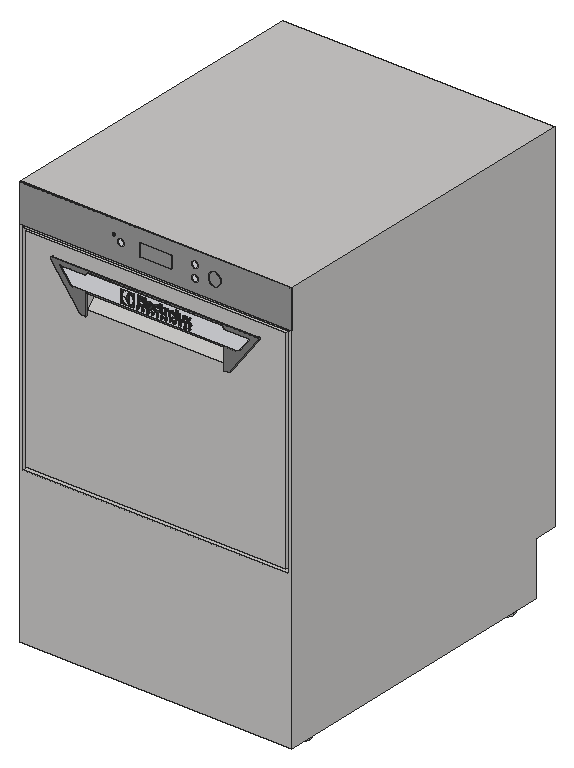
Revit family "QF_ELECTROLUXPROFESSIONAL_402188_ETGWSG1S", category Attrezzature speciali, Revit 2021
Family settings
  Quota connettore circolare = Usa diametro
  Tipo di parte = Normale
  Basato su piano di lavoro = No
  Sempre verticale = Sì
  Taglio con vuoti quando caricato = No
  Condiviso = No
  Punto di calcolo locali = No
Parameters (values of type "Standard")
  Weight = 38.00 kg
  Watts = 2700 W
  Volts = 220 V
  URL Manufacturer = "https://www.electroluxprofessional.com/"
  URL = "https://www.electroluxprofessional.com/"
  Steam Supply Size = 0 mm
  Steam Supply Minimum Pressure = 0.0 Pa
  Steam Supply Maximum Pressure = 0.0 Pa
  Steam Consumption per Hour = 0
  Show Logo [instance] = yes
  Show Clearance [instance] = yes
  Refrigeration Suction Line Size = 0 mm
  Refrigeration Liquid Line Size = 0 mm
  Refrigerant Compressor Remote = yes
  Produttore = "Electrolux Professional"
  Phase = 1
  Modello = "ETGWSG1S"
  Length Actual = 455 mm  # constant formula
  Item Number = "402188"
  Hot Water Size = 0 mm
  Height Actual = 700 mm  # constant formula
  HP = "3.6 HP"
  Gas Size = 0 mm
  Gas KW = 0
  Gas Input Pressure = 0 W
  Direct Waste Size = 29 mm
  Descrizione = "UC GLASSWASHER (S), ELECTRONIC, SINGLE SKIN, PRESSURE, RINSE AID+DET.PUMP, DRAIN P, TANK FILT, 40R/H, 230V/1/50,SCHUKO"
  Prospetto di default = 0 mm
  Depth Actual = 550 mm  # constant formula
  Cycle = 50 Hz
  Condensate Return Size = 0 mm
  Compressed Air Volume = 0.0 L/s
  Compressed Air Size = 0 mm
  Compressed Air Pressure = 0.0 Pa
  Cold Water Size = 19.05 mm
  Accessory = yes
Reference planes
  plane 1 "Center (Front/Back)": y = 0
  plane 2: z = 0
  plane 3 "Center (Left/Right)": x = 0
  plane 4 "LEFT": x = -227.5
  plane 5 "RIGHT": x = 227.5
  plane 6 "FRONT": y = -275
  plane 7 "BACK": y = 275
  plane 8: z = 700
  plane 9: z = 10
  plane 10: y = 236
  plane 11 "2": y = -274
Forms (mm)
  Extrusion 1, solid, material "QF_Finishes_Stainless Steel", detail levels medium+fine
    sketch origin (0, 0, 0) x (1, 0, 0) y (0, 1, 0)
      loop
        line (-227.5, -275) -> (227.5, -275) -> (227.5, 236) -> (-227.5, 236) -> (-227.5, -275)
    from 10 to 700
  Extrusion 2, solid, material "QF_Finishes_Stainless Steel", detail levels medium+fine
    sketch origin (0, 0, 0) x (1, 0, 0) y (0, 1, 0)
      loop
        line (-227.5, 236) -> (227.5, 236) -> (227.5, 275) -> (-227.5, 275) -> (-227.5, 236)
    from 100 to 700
  Extrusion 3, solid, material "QF_Finishes_Stainless Steel", detail levels fine
    sketch origin (0, 0, 0) x (1, 0, 0) y (0, 1, 0)
      loop
        circle (-208, 198) r 12.5
      loop
        circle (208, 198) r 12.5
      loop
        circle (-208, -228) r 12.5
      loop
        circle (208, -228) r 12.5
    from 0 to 10
  Extrusion 4, void
    sketch origin (-227.5, -275, 0) x (-1, 0, 0) y (0, 0, 1)
      loop
        line (-5, 634.145) -> (-450, 634.145) -> (-450, 270) -> (-5, 270) -> (-5, 634.145)
    from 0 to 30
  Extrusion 5, solid, material "QF_Finishes_Stainless Steel"
    sketch origin (-212, -392, 752) x (0, 0, -1) y (1, 0, 0)
      loop
        circle (693, 215.5) r 10
    from -628 to -667
  Extrusion 6, solid, material "QF_Finishes_Stainless Steel"
    sketch origin (-432.481, -392, 722) x (0, 0, -1) y (1, 0, 0)
      loop
        circle (663, 324.981) r 8
    from -628 to -667
  Extrusion 7, solid, material "QF_Finishes_Stainless Steel"
    sketch origin (-268, -392, 682.5) x (0, 0, -1) y (1, 0, 0)
      loop
        circle (663, 230.5) r 8
    from -628 to -667
  Extrusion 8, solid, material "QF_Finishes_Stainless Steel"
    sketch origin (-50.5, 508.026, -145.045) x (0, -1, 0) y (0, 0, 1)
      loop
        line (755.578, 774.145) -> (755.578, 420.045) -> (783.026, 420.045) -> (783.026, 774.145) -> (755.578, 774.145)
    from -268.245 to 167
  Extrusion 9, solid, material "QF_Finishes_Grey"
    sketch origin (1109.779, -277.6, -140) x (-1, 0, 0) y (0, 0, 1)
      loop
        line (1224.779, 677.936) -> (1231.15, 677.936)
        arc (1231.15, 677.936) -> (1234.782, 678.808) -> (1237.622, 681.234) r 8
        line (1237.622, 681.234) -> (1283.237, 744.017)
        arc (1283.237, 744.017) -> (1283.404, 746.136) -> (1281.591, 747.247) r 2.035
        line (1281.591, 747.247) -> (937.967, 747.247)
        arc (937.967, 747.247) -> (936.154, 746.136) -> (936.321, 744.017) r 2.035
        line (936.321, 744.017) -> (981.935, 681.234)
        arc (981.935, 681.234) -> (984.775, 678.808) -> (988.407, 677.936) r 8
        line (988.407, 677.936) -> (994.779, 677.936) -> (994.779, 712.928) -> (1224.779, 712.928) -> (1224.779, 677.936)
      loop
        line (1252.743, 719.058) -> (1268.137, 740.247) -> (1224.779, 740.247) -> (1221.329, 745.174) -> (998.229, 745.174) -> (994.779, 740.247) -> (951.42, 740.247) -> (966.815, 719.058)
        arc (966.815, 719.058) -> (970.365, 716.026) -> (974.905, 714.936) r 10
        line (974.905, 714.936) -> (1244.653, 714.936)
        arc (1244.653, 714.936) -> (1249.192, 716.026) -> (1252.743, 719.058) r 10
    from 2.6 to 0.6
  Extrusion 10, solid, material "QF_Finishes_White"
    sketch origin (1109.779, -277.552, -140) x (-1, 0, 0) y (0, 0, 1)
      loop
        arc (1244.653, 714.936) -> (1249.192, 716.026) -> (1252.743, 719.058) r 10
        line (1252.743, 719.058) -> (1268.137, 740.247) -> (1224.779, 740.247) -> (1221.329, 745.174) -> (998.229, 745.174) -> (994.779, 740.247) -> (951.42, 740.247) -> (966.815, 719.058)
        arc (966.815, 719.058) -> (970.365, 716.026) -> (974.905, 714.936) r 10
        line (974.905, 714.936) -> (1244.653, 714.936)
      loop
        line (1134.538, 728.308) -> (1129.975, 728.308) -> (1129.975, 725.979) -> (1134.559, 725.979) -> (1135.532, 726.049)
        spline (1135.532, 726.049) -> (1136.121, 726.164) -> (1136.653, 726.332) -> (1137.128, 726.553) -> (1137.548, 726.825) -> (1137.914, 727.144) -> (1138.226, 727.51) -> (1138.487, 727.921) -> (1138.698, 728.373) -> (1138.86, 728.866) -> (1138.974, 729.398) -> (1139.041, 729.966) -> (1139.063, 730.569)
        line (1139.063, 730.569) -> (1139.063, 740.368) -> (1130.147, 740.368) -> (1130.147, 738.037) -> (1136.586, 738.037) -> (1136.586, 734.634) -> (1130.533, 734.634) -> (1130.533, 732.296) -> (1136.585, 732.296) -> (1136.585, 730.463)
        spline (1136.585, 730.463) -> (1136.56, 730.049) -> (1136.488, 729.69) -> (1136.376, 729.381) -> (1136.229, 729.119) -> (1136.054, 728.901) -> (1135.857, 728.723) -> (1135.643, 728.582) -> (1135.419, 728.474) -> (1135.19, 728.396) -> (1134.963, 728.345) -> (1134.744, 728.317) -> (1134.538, 728.308)
      loop
        line (1128.214, 733.569) -> (1128.214, 740.372) -> (1125.736, 740.372) -> (1125.736, 725.976) -> (1128.214, 725.976) -> (1128.214, 733.569)
      loop
        line (1113.463, 731.445) -> (1113.505, 730.574) -> (1121.638, 730.574)
        spline (1121.638, 730.574) -> (1121.593, 730.171) -> (1121.504, 729.795) -> (1121.37, 729.446) -> (1121.194, 729.126) -> (1120.977, 728.838) -> (1120.722, 728.582) -> (1120.431, 728.361) -> (1120.104, 728.176) -> (1119.744, 728.03) -> (1119.353, 727.923) -> (1118.933, 727.857) -> (1118.484, 727.835)
        spline (1118.484, 727.835) -> (1118.178, 727.844) -> (1117.89, 727.87) -> (1117.62, 727.912) -> (1117.365, 727.972) -> (1117.124, 728.048) -> (1116.894, 728.141) -> (1116.675, 728.251) -> (1116.463, 728.376) -> (1116.258, 728.518) -> (1116.057, 728.676) -> (1115.86, 728.849) -> (1115.663, 729.039)
        line (1115.663, 729.039) -> (1114.169, 727.586)
        spline (1114.169, 727.586) -> (1114.509, 727.249) -> (1114.853, 726.951) -> (1115.203, 726.69) -> (1115.558, 726.466) -> (1115.918, 726.275) -> (1116.282, 726.116) -> (1116.652, 725.986) -> (1117.026, 725.885) -> (1117.404, 725.809) -> (1117.788, 725.758) -> (1118.175, 725.728) -> (1118.567, 725.719)
        spline (1118.567, 725.719) -> (1119.371, 725.763) -> (1120.127, 725.892) -> (1120.833, 726.104) -> (1121.482, 726.394) -> (1122.071, 726.76) -> (1122.596, 727.198) -> (1123.053, 727.705) -> (1123.436, 728.277) -> (1123.741, 728.911) -> (1123.965, 729.605) -> (1124.102, 730.353) -> (1124.149, 731.154)
        spline (1124.149, 731.154) -> (1124.1, 731.975) -> (1123.959, 732.742) -> (1123.73, 733.452) -> (1123.419, 734.101) -> (1123.032, 734.686) -> (1122.573, 735.205) -> (1122.048, 735.652) -> (1121.463, 736.026) -> (1120.824, 736.322) -> (1120.134, 736.538) -> (1119.401, 736.67) -> (1118.63, 736.715)
        spline (1118.63, 736.715) -> (1117.874, 736.667) -> (1117.166, 736.528) -> (1116.509, 736.303) -> (1115.907, 735.999) -> (1115.363, 735.622) -> (1114.879, 735.177) -> (1114.461, 734.672) -> (1114.111, 734.112) -> (1113.833, 733.503) -> (1113.63, 732.851) -> (1113.506, 732.163) -> (1113.463, 731.445)
      loop
        line (1115.995, 732.317) -> (1121.575, 732.317)
        spline (1121.575, 732.317) -> (1121.525, 732.627) -> (1121.429, 732.925) -> (1121.29, 733.207) -> (1121.111, 733.471) -> (1120.896, 733.713) -> (1120.647, 733.932) -> (1120.368, 734.125) -> (1120.062, 734.288) -> (1119.732, 734.42) -> (1119.381, 734.518) -> (1119.012, 734.578) -> (1118.63, 734.599)
        spline (1118.63, 734.599) -> (1118.273, 734.578) -> (1117.93, 734.516) -> (1117.605, 734.417) -> (1117.301, 734.284) -> (1117.021, 734.118) -> (1116.767, 733.924) -> (1116.544, 733.705) -> (1116.355, 733.461) -> (1116.202, 733.198) -> (1116.089, 732.918) -> (1116.019, 732.623) -> (1115.995, 732.317)
      loop
        spline (1109.715, 731.217) -> (1109.687, 730.756) -> (1109.604, 730.319) -> (1109.469, 729.908) -> (1109.287, 729.528) -> (1109.06, 729.181) -> (1108.792, 728.87) -> (1108.485, 728.598) -> (1108.144, 728.369) -> (1107.772, 728.186) -> (1107.371, 728.051) -> (1106.946, 727.967) -> (1106.499, 727.939)
        spline (1106.499, 727.939) -> (1106.225, 727.948) -> (1105.962, 727.973) -> (1105.711, 728.015) -> (1105.469, 728.073) -> (1105.238, 728.148) -> (1105.016, 728.237) -> (1104.802, 728.342) -> (1104.597, 728.462) -> (1104.399, 728.595) -> (1104.207, 728.743) -> (1104.023, 728.905) -> (1103.844, 729.08)
        line (1103.844, 729.08) -> (1102.308, 727.483)
        spline (1102.308, 727.483) -> (1102.614, 727.177) -> (1102.928, 726.902) -> (1103.252, 726.658) -> (1103.584, 726.443) -> (1103.924, 726.256) -> (1104.271, 726.098) -> (1104.626, 725.966) -> (1104.988, 725.859) -> (1105.357, 725.778) -> (1105.732, 725.722) -> (1106.113, 725.688) -> (1106.499, 725.677)
        spline (1106.499, 725.677) -> (1107.273, 725.725) -> (1108.015, 725.866) -> (1108.718, 726.094) -> (1109.375, 726.403) -> (1109.979, 726.79) -> (1110.524, 727.249) -> (1111.004, 727.774) -> (1111.411, 728.361) -> (1111.739, 729.003) -> (1111.982, 729.697) -> (1112.132, 730.437) -> (1112.184, 731.217)
        spline (1112.184, 731.217) -> (1112.132, 731.997) -> (1111.982, 732.737) -> (1111.739, 733.431) -> (1111.411, 734.073) -> (1111.004, 734.66) -> (1110.524, 735.185) -> (1109.979, 735.644) -> (1109.375, 736.03) -> (1108.718, 736.34) -> (1108.015, 736.568) -> (1107.273, 736.709) -> (1106.499, 736.757)
        spline (1106.499, 736.757) -> (1106.113, 736.746) -> (1105.732, 736.712) -> (1105.357, 736.655) -> (1104.988, 736.574) -> (1104.626, 736.468) -> (1104.271, 736.336) -> (1103.924, 736.178) -> (1103.584, 735.991) -> (1103.252, 735.776) -> (1102.928, 735.532) -> (1102.614, 735.257) -> (1102.308, 734.952)
        line (1102.308, 734.952) -> (1103.844, 733.354)
        spline (1103.844, 733.354) -> (1104.023, 733.529) -> (1104.207, 733.691) -> (1104.399, 733.839) -> (1104.597, 733.972) -> (1104.802, 734.092) -> (1105.016, 734.197) -> (1105.238, 734.286) -> (1105.469, 734.361) -> (1105.711, 734.419) -> (1105.962, 734.461) -> (1106.225, 734.486) -> (1106.499, 734.495)
        spline (1106.499, 734.495) -> (1106.946, 734.467) -> (1107.371, 734.383) -> (1107.772, 734.248) -> (1108.144, 734.065) -> (1108.485, 733.836) -> (1108.792, 733.564) -> (1109.06, 733.253) -> (1109.287, 732.906) -> (1109.469, 732.526) -> (1109.604, 732.115) -> (1109.687, 731.678) -> (1109.715, 731.217)
      loop
        line (1095.989, 728.305) -> (1095.998, 725.976) -> (1097.045, 726.023)
        spline (1097.045, 726.023) -> (1097.633, 726.122) -> (1098.166, 726.275) -> (1098.647, 726.479) -> (1099.075, 726.732) -> (1099.453, 727.033) -> (1099.78, 727.38) -> (1100.059, 727.772) -> (1100.291, 728.205) -> (1100.476, 728.678) -> (1100.616, 729.19) -> (1100.712, 729.738) -> (1100.765, 730.321)
        line (1100.765, 730.321) -> (1100.765, 740.372) -> (1098.287, 740.372) -> (1098.287, 736.386) -> (1096.036, 736.386) -> (1096.036, 734.135) -> (1098.29, 734.135) -> (1098.29, 730.462)
        spline (1098.29, 730.462) -> (1098.238, 730.026) -> (1098.14, 729.649) -> (1098.002, 729.329) -> (1097.831, 729.061) -> (1097.632, 728.84) -> (1097.412, 728.664) -> (1097.177, 728.527) -> (1096.933, 728.427) -> (1096.686, 728.358) -> (1096.442, 728.318) -> (1096.208, 728.301) -> (1095.989, 728.305)
      loop
        line (1087.65, 736.531) -> (1087.65, 734.134) -> (1088.683, 734.238)
        spline (1088.683, 734.238) -> (1089.099, 734.216) -> (1089.487, 734.15) -> (1089.845, 734.043) -> (1090.173, 733.896) -> (1090.469, 733.71) -> (1090.73, 733.487) -> (1090.956, 733.228) -> (1091.145, 732.934) -> (1091.294, 732.608) -> (1091.403, 732.251) -> (1091.469, 731.864) -> (1091.492, 731.449)
        line (1091.492, 731.449) -> (1091.492, 725.976) -> (1093.95, 725.976) -> (1093.95, 736.386) -> (1091.492, 736.386) -> (1091.492, 734.838)
        spline (1091.492, 734.838) -> (1091.301, 735.126) -> (1091.083, 735.392) -> (1090.839, 735.633) -> (1090.57, 735.849) -> (1090.276, 736.038) -> (1089.961, 736.2) -> (1089.623, 736.333) -> (1089.265, 736.436) -> (1088.888, 736.509) -> (1088.492, 736.549) -> (1088.079, 736.557) -> (1087.65, 736.531)
      loop
        spline (1075.91, 731.181) -> (1075.962, 730.417) -> (1076.113, 729.689) -> (1076.356, 729.004) -> (1076.685, 728.365) -> (1077.093, 727.78) -> (1077.573, 727.254) -> (1078.119, 726.793) -> (1078.723, 726.403) -> (1079.379, 726.089) -> (1080.08, 725.858) -> (1080.819, 725.715) -> (1081.59, 725.666)
        spline (1081.59, 725.666) -> (1082.366, 725.715) -> (1083.108, 725.858) -> (1083.811, 726.089) -> (1084.468, 726.403) -> (1085.071, 726.793) -> (1085.616, 727.254) -> (1086.094, 727.78) -> (1086.501, 728.365) -> (1086.828, 729.004) -> (1087.07, 729.689) -> (1087.22, 730.417) -> (1087.271, 731.181)
        spline (1087.271, 731.181) -> (1087.22, 731.944) -> (1087.07, 732.672) -> (1086.828, 733.358) -> (1086.501, 733.997) -> (1086.094, 734.582) -> (1085.616, 735.108) -> (1085.071, 735.569) -> (1084.468, 735.959) -> (1083.811, 736.272) -> (1083.108, 736.503) -> (1082.366, 736.646) -> (1081.59, 736.695)
        spline (1081.59, 736.695) -> (1080.819, 736.646) -> (1080.08, 736.503) -> (1079.379, 736.272) -> (1078.723, 735.959) -> (1078.119, 735.569) -> (1077.573, 735.108) -> (1077.093, 734.582) -> (1076.685, 733.997) -> (1076.356, 733.358) -> (1076.113, 732.672) -> (1075.962, 731.944) -> (1075.91, 731.181)
      loop
        spline (1078.369, 731.181) -> (1078.397, 730.73) -> (1078.481, 730.301) -> (1078.617, 729.895) -> (1078.8, 729.517) -> (1079.028, 729.171) -> (1079.298, 728.859) -> (1079.605, 728.586) -> (1079.947, 728.355) -> (1080.32, 728.168) -> (1080.72, 728.031) -> (1081.145, 727.946) -> (1081.59, 727.917)
        spline (1081.59, 727.917) -> (1082.04, 727.946) -> (1082.467, 728.031) -> (1082.869, 728.168) -> (1083.243, 728.355) -> (1083.584, 728.586) -> (1083.89, 728.859) -> (1084.159, 729.171) -> (1084.385, 729.517) -> (1084.567, 729.895) -> (1084.701, 730.301) -> (1084.784, 730.73) -> (1084.812, 731.181)
        spline (1084.812, 731.181) -> (1084.784, 731.631) -> (1084.701, 732.061) -> (1084.567, 732.466) -> (1084.385, 732.844) -> (1084.159, 733.19) -> (1083.89, 733.502) -> (1083.584, 733.775) -> (1083.243, 734.007) -> (1082.869, 734.193) -> (1082.467, 734.33) -> (1082.04, 734.415) -> (1081.59, 734.444)
        spline (1081.59, 734.444) -> (1081.145, 734.415) -> (1080.72, 734.33) -> (1080.32, 734.193) -> (1079.947, 734.007) -> (1079.605, 733.775) -> (1079.298, 733.502) -> (1079.028, 733.19) -> (1078.8, 732.844) -> (1078.617, 732.466) -> (1078.481, 732.061) -> (1078.397, 731.631) -> (1078.369, 731.181)
      loop
        line (1074.386, 733.817) -> (1074.386, 740.372) -> (1071.907, 740.372) -> (1071.907, 725.976) -> (1074.386, 725.976) -> (1074.386, 733.817)
      loop
        line (1062.968, 736.386) -> (1060.469, 736.386) -> (1060.469, 730.169)
        spline (1060.469, 730.169) -> (1060.514, 729.447) -> (1060.644, 728.791) -> (1060.852, 728.199) -> (1061.133, 727.671) -> (1061.481, 727.207) -> (1061.889, 726.807) -> (1062.351, 726.469) -> (1062.862, 726.193) -> (1063.414, 725.98) -> (1064.002, 725.828) -> (1064.619, 725.737) -> (1065.26, 725.707)
        spline (1065.26, 725.707) -> (1065.896, 725.737) -> (1066.509, 725.826) -> (1067.092, 725.976) -> (1067.64, 726.186) -> (1068.146, 726.458) -> (1068.604, 726.791) -> (1069.009, 727.186) -> (1069.353, 727.644) -> (1069.632, 728.164) -> (1069.839, 728.748) -> (1069.967, 729.395) -> (1070.011, 730.106)
        line (1070.011, 730.106) -> (1070.011, 736.386) -> (1067.512, 736.386) -> (1067.512, 730.313)
        spline (1067.512, 730.313) -> (1067.492, 729.924) -> (1067.434, 729.574) -> (1067.34, 729.26) -> (1067.212, 728.983) -> (1067.053, 728.741) -> (1066.864, 728.534) -> (1066.648, 728.362) -> (1066.407, 728.222) -> (1066.144, 728.114) -> (1065.86, 728.039) -> (1065.558, 727.994) -> (1065.24, 727.979)
        spline (1065.24, 727.979) -> (1064.922, 727.994) -> (1064.62, 728.039) -> (1064.336, 728.115) -> (1064.072, 728.223) -> (1063.832, 728.363) -> (1063.616, 728.537) -> (1063.427, 728.746) -> (1063.268, 728.989) -> (1063.14, 729.269) -> (1063.046, 729.586) -> (1062.988, 729.941) -> (1062.968, 730.334)
        line (1062.968, 730.334) -> (1062.968, 736.386)
      loop
        line (1051.091, 729.305) -> (1048.71, 725.976) -> (1051.374, 725.976) -> (1054.018, 729.652) -> (1056.662, 725.976) -> (1059.326, 725.976) -> (1057.534, 728.472) -> (1055.381, 731.47) -> (1057.435, 734.279) -> (1058.975, 736.385) -> (1056.29, 736.385) -> (1054.018, 733.267) -> (1051.766, 736.385) -> (1049.061, 736.385) -> (1050.719, 734.127) -> (1052.654, 731.49) -> (1051.091, 729.305)
      loop
        arc (1137.67, 723.711) -> (1136.024, 722.066) -> (1137.67, 720.421) r 1.645
        line (1137.67, 720.421) -> (1138.564, 720.421) -> (1138.564, 718.734) -> (1139.587, 718.734) -> (1139.587, 723.711) -> (1137.67, 723.711)
      loop
        arc (1137.711, 722.77) -> (1137.007, 722.066) -> (1137.711, 721.361) r 0.704
        line (1137.711, 721.361) -> (1138.564, 721.361) -> (1138.564, 722.77) -> (1137.711, 722.77)
      loop
        arc (1129.861, 723.711) -> (1128.713, 723.243) -> (1128.219, 722.107) r 1.643
        arc (1128.219, 722.107) -> (1128.437, 721.282) -> (1129.061, 720.7) r 1.536
        line (1129.061, 720.7) -> (1127.867, 718.734) -> (1129.028, 718.734) -> (1130.009, 720.366) -> (1130.79, 720.448) -> (1130.79, 718.734) -> (1131.813, 718.734) -> (1131.813, 723.711) -> (1129.861, 723.711)
      loop
        line (1129.951, 721.382) -> (1130.79, 721.382) -> (1130.79, 722.77) -> (1129.882, 722.77)
        arc (1129.882, 722.77) -> (1129.256, 722.043) -> (1129.951, 721.382) r 0.696
      loop
        circle (1121.513, 721.223) r 2.585
      loop
        circle (1121.513, 721.223) r 1.64
      loop
        line (1114.648, 723.711) -> (1111.572, 723.711) -> (1111.572, 722.77) -> (1113.625, 722.77) -> (1113.625, 721.72) -> (1111.752, 721.72) -> (1111.752, 720.78) -> (1113.625, 720.78) -> (1113.625, 718.734) -> (1114.648, 718.734) -> (1114.648, 723.711)
      loop
        line (1107.351, 723.711) -> (1104.199, 723.711) -> (1104.199, 722.77) -> (1106.327, 722.77) -> (1106.327, 721.906) -> (1104.337, 721.906) -> (1104.337, 721.124) -> (1106.327, 721.124) -> (1106.327, 720.296)
        arc (1106.327, 720.296) -> (1106.1, 719.748) -> (1105.552, 719.521) r 0.775
        line (1105.552, 719.521) -> (1104.151, 719.521) -> (1104.151, 718.734) -> (1105.758, 718.734)
        arc (1105.758, 718.734) -> (1106.892, 719.208) -> (1107.351, 720.348) r 1.593
        line (1107.351, 720.348) -> (1107.351, 723.711)
      loop
        arc (1097.457, 722.405) -> (1097.878, 722.739) -> (1098.402, 722.854) r 1.197
        arc (1098.402, 722.854) -> (1098.874, 722.478) -> (1098.547, 721.971) r 0.45
        arc (1098.547, 721.971) -> (1097.983, 721.759) -> (1097.432, 721.513) r 9.883
        arc (1097.432, 721.513) -> (1096.997, 721.229) -> (1096.656, 720.836) r 1.876
        arc (1096.656, 720.836) -> (1096.499, 719.983) -> (1096.804, 719.172) r 1.618
        arc (1096.804, 719.172) -> (1097.495, 718.805) -> (1098.262, 718.652) r 2.696
        arc (1098.262, 718.652) -> (1098.883, 718.714) -> (1099.456, 718.959) r 2.063
        arc (1099.456, 718.959) -> (1099.909, 719.35) -> (1100.219, 719.862) r 1.914
        line (1100.219, 719.862) -> (1099.437, 720.352)
        arc (1099.437, 720.352) -> (1099.173, 719.945) -> (1098.752, 719.703) r 1.033
        arc (1098.752, 719.703) -> (1098.18, 719.588) -> (1097.639, 719.808) r 1.016
        arc (1097.639, 719.808) -> (1097.482, 720.161) -> (1097.68, 720.492) r 0.42
        arc (1097.68, 720.492) -> (1098.186, 720.769) -> (1098.72, 720.985) r 5.041
        arc (1098.72, 720.985) -> (1099.298, 721.289) -> (1099.741, 721.768) r 1.928
        arc (1099.741, 721.768) -> (1099.855, 722.207) -> (1099.866, 722.66) r 1.985
        arc (1099.866, 722.66) -> (1099.75, 723.048) -> (1099.492, 723.359) r 1.013
        arc (1099.492, 723.359) -> (1098.946, 723.67) -> (1098.33, 723.793) r 1.974
        arc (1098.33, 723.793) -> (1097.403, 723.575) -> (1096.722, 722.91) r 1.782
        line (1096.722, 722.91) -> (1097.457, 722.405)
      loop
        arc (1089.939, 722.405) -> (1090.36, 722.739) -> (1090.884, 722.854) r 1.197
        arc (1090.884, 722.854) -> (1091.355, 722.478) -> (1091.029, 721.971) r 0.45
        arc (1091.029, 721.971) -> (1090.464, 721.759) -> (1089.914, 721.513) r 9.883
        arc (1089.914, 721.513) -> (1089.478, 721.229) -> (1089.138, 720.836) r 1.876
        arc (1089.138, 720.836) -> (1088.98, 719.983) -> (1089.286, 719.172) r 1.618
        arc (1089.286, 719.172) -> (1089.977, 718.805) -> (1090.744, 718.652) r 2.696
        arc (1090.744, 718.652) -> (1091.365, 718.714) -> (1091.938, 718.959) r 2.063
        arc (1091.938, 718.959) -> (1092.391, 719.35) -> (1092.701, 719.862) r 1.914
        line (1092.701, 719.862) -> (1091.919, 720.352)
        arc (1091.919, 720.352) -> (1091.655, 719.945) -> (1091.234, 719.703) r 1.033
        arc (1091.234, 719.703) -> (1090.661, 719.588) -> (1090.12, 719.808) r 1.016
        arc (1090.12, 719.808) -> (1089.964, 720.161) -> (1090.162, 720.492) r 0.42
        arc (1090.162, 720.492) -> (1090.667, 720.769) -> (1091.201, 720.985) r 5.041
        arc (1091.201, 720.985) -> (1091.779, 721.289) -> (1092.223, 721.768) r 1.928
        arc (1092.223, 721.768) -> (1092.336, 722.207) -> (1092.348, 722.66) r 1.985
        arc (1092.348, 722.66) -> (1092.232, 723.048) -> (1091.974, 723.359) r 1.013
        arc (1091.974, 723.359) -> (1091.428, 723.67) -> (1090.811, 723.793) r 1.974
        arc (1090.811, 723.793) -> (1089.885, 723.575) -> (1089.203, 722.91) r 1.782
        line (1089.203, 722.91) -> (1089.939, 722.405)
      loop
        line (1084.747, 723.711) -> (1083.724, 723.711) -> (1083.724, 718.734) -> (1084.747, 718.734) -> (1084.747, 723.711)
      loop
        circle (1076.824, 721.223) r 1.548
      loop
        circle (1076.824, 721.223) r 2.585
      loop
        line (1069.959, 718.734) -> (1069.959, 723.711) -> (1068.964, 723.711) -> (1066.687, 720.487) -> (1066.687, 723.711) -> (1065.654, 723.711) -> (1065.654, 718.734) -> (1066.648, 718.734) -> (1068.925, 721.863) -> (1068.925, 718.734) -> (1069.959, 718.734)
      loop
        line (1060.494, 718.734) -> (1061.593, 718.734) -> (1059.088, 723.711) -> (1056.584, 718.734) -> (1057.684, 718.734) -> (1058.168, 719.808) -> (1060.009, 719.808) -> (1060.494, 718.734)
      loop
        line (1059.088, 721.85) -> (1058.628, 720.829) -> (1059.55, 720.829) -> (1059.088, 721.85)
      loop
        line (1051.501, 719.675) -> (1049.587, 719.675) -> (1049.587, 718.734) -> (1052.525, 718.734) -> (1052.525, 723.711) -> (1051.501, 723.711) -> (1051.501, 719.675)
      loop
        line (1166.534, 718.734) -> (1166.534, 740.368) -> (1144.871, 740.368) -> (1144.871, 718.734) -> (1166.534, 718.734)
      loop
        arc (1152.81, 739.306) -> (1145.614, 729.573) -> (1152.81, 719.841) r 10.18
        line (1152.81, 719.841) -> (1152.81, 739.306)
      loop
        arc (1153.8, 737.897) -> (1156.822, 732.473) -> (1162.575, 730.138) r 9.351
        line (1162.575, 730.138) -> (1165.795, 730.138)
        arc (1165.795, 730.138) -> (1161.895, 737.466) -> (1153.8, 739.306) r 9.976
        line (1153.8, 739.306) -> (1153.8, 737.897)
      loop
        line (1165.795, 729.009) -> (1162.575, 729.009)
        arc (1162.575, 729.009) -> (1156.822, 726.674) -> (1153.8, 721.25) r 9.351
        line (1153.8, 721.25) -> (1153.8, 719.591)
        arc (1153.8, 719.591) -> (1161.902, 721.62) -> (1165.795, 729.009) r 10.237
    from 0.552 to 2.552
  Extrusion 11, solid, material "QF_Door-Drawer Clearances", detail levels coarse
    sketch origin (-50.5, 469.81, -129.52) x (0, -1, 0) y (0, 0, 1)
      loop
        arc (1151.948, 404.52) -> (1007.811, 649.792) -> (744.81, 758.257) r 446.578
        line (744.81, 758.257) -> (744.81, 404.52) -> (1151.948, 404.52)
    from -268.245 to 167
  Extrusion 12, solid, material "QF_Finishes_Black"
    sketch origin (1109.779, -277.6, -140) x (-1, 0, 0) y (0, 0, 1)
      loop
        line (1134.538, 728.308) -> (1129.975, 728.308) -> (1129.975, 725.979) -> (1134.559, 725.979) -> (1135.532, 726.049)
        spline (1135.532, 726.049) -> (1136.121, 726.164) -> (1136.653, 726.332) -> (1137.128, 726.553) -> (1137.548, 726.825) -> (1137.914, 727.144) -> (1138.226, 727.51) -> (1138.487, 727.921) -> (1138.698, 728.373) -> (1138.86, 728.866) -> (1138.974, 729.398) -> (1139.041, 729.966) -> (1139.063, 730.569)
        line (1139.063, 730.569) -> (1139.063, 740.368) -> (1130.147, 740.368) -> (1130.147, 738.037) -> (1136.586, 738.037) -> (1136.586, 734.634) -> (1130.533, 734.634) -> (1130.533, 732.296) -> (1136.585, 732.296) -> (1136.585, 730.463)
        spline (1136.585, 730.463) -> (1136.56, 730.049) -> (1136.488, 729.69) -> (1136.376, 729.381) -> (1136.229, 729.119) -> (1136.054, 728.901) -> (1135.857, 728.723) -> (1135.643, 728.582) -> (1135.419, 728.474) -> (1135.19, 728.396) -> (1134.963, 728.345) -> (1134.744, 728.317) -> (1134.538, 728.308)
      loop
        line (1128.214, 733.569) -> (1128.214, 740.372) -> (1125.736, 740.372) -> (1125.736, 725.976) -> (1128.214, 725.976) -> (1128.214, 733.569)
      loop
        line (1113.463, 731.445) -> (1113.505, 730.574) -> (1121.638, 730.574)
        spline (1121.638, 730.574) -> (1121.593, 730.171) -> (1121.504, 729.795) -> (1121.37, 729.446) -> (1121.194, 729.126) -> (1120.977, 728.838) -> (1120.722, 728.582) -> (1120.431, 728.361) -> (1120.104, 728.176) -> (1119.744, 728.03) -> (1119.353, 727.923) -> (1118.933, 727.857) -> (1118.484, 727.835)
        spline (1118.484, 727.835) -> (1118.178, 727.844) -> (1117.89, 727.87) -> (1117.62, 727.912) -> (1117.365, 727.972) -> (1117.124, 728.048) -> (1116.894, 728.141) -> (1116.675, 728.251) -> (1116.463, 728.376) -> (1116.258, 728.518) -> (1116.057, 728.676) -> (1115.86, 728.849) -> (1115.663, 729.039)
        line (1115.663, 729.039) -> (1114.169, 727.586)
        spline (1114.169, 727.586) -> (1114.509, 727.249) -> (1114.853, 726.951) -> (1115.203, 726.69) -> (1115.558, 726.466) -> (1115.918, 726.275) -> (1116.282, 726.116) -> (1116.652, 725.986) -> (1117.026, 725.885) -> (1117.404, 725.809) -> (1117.788, 725.758) -> (1118.175, 725.728) -> (1118.567, 725.719)
        spline (1118.567, 725.719) -> (1119.371, 725.763) -> (1120.127, 725.892) -> (1120.833, 726.104) -> (1121.482, 726.394) -> (1122.071, 726.76) -> (1122.596, 727.198) -> (1123.053, 727.705) -> (1123.436, 728.277) -> (1123.741, 728.911) -> (1123.965, 729.605) -> (1124.102, 730.353) -> (1124.149, 731.154)
        spline (1124.149, 731.154) -> (1124.1, 731.975) -> (1123.959, 732.742) -> (1123.73, 733.452) -> (1123.419, 734.101) -> (1123.032, 734.686) -> (1122.573, 735.205) -> (1122.048, 735.652) -> (1121.463, 736.026) -> (1120.824, 736.322) -> (1120.134, 736.538) -> (1119.401, 736.67) -> (1118.63, 736.715)
        spline (1118.63, 736.715) -> (1117.874, 736.667) -> (1117.166, 736.528) -> (1116.509, 736.303) -> (1115.907, 735.999) -> (1115.363, 735.622) -> (1114.879, 735.177) -> (1114.461, 734.672) -> (1114.111, 734.112) -> (1113.833, 733.503) -> (1113.63, 732.851) -> (1113.506, 732.163) -> (1113.463, 731.445)
      loop
        line (1115.995, 732.317) -> (1121.575, 732.317)
        spline (1121.575, 732.317) -> (1121.525, 732.627) -> (1121.429, 732.925) -> (1121.29, 733.207) -> (1121.111, 733.471) -> (1120.896, 733.713) -> (1120.647, 733.932) -> (1120.368, 734.125) -> (1120.062, 734.288) -> (1119.732, 734.42) -> (1119.381, 734.518) -> (1119.012, 734.578) -> (1118.63, 734.599)
        spline (1118.63, 734.599) -> (1118.273, 734.578) -> (1117.93, 734.516) -> (1117.605, 734.417) -> (1117.301, 734.284) -> (1117.021, 734.118) -> (1116.767, 733.924) -> (1116.544, 733.705) -> (1116.355, 733.461) -> (1116.202, 733.198) -> (1116.089, 732.918) -> (1116.019, 732.623) -> (1115.995, 732.317)
      loop
        spline (1109.715, 731.217) -> (1109.687, 730.756) -> (1109.604, 730.319) -> (1109.469, 729.908) -> (1109.287, 729.528) -> (1109.06, 729.181) -> (1108.792, 728.87) -> (1108.485, 728.598) -> (1108.144, 728.369) -> (1107.772, 728.186) -> (1107.371, 728.051) -> (1106.946, 727.967) -> (1106.499, 727.939)
        spline (1106.499, 727.939) -> (1106.225, 727.948) -> (1105.962, 727.973) -> (1105.711, 728.015) -> (1105.469, 728.073) -> (1105.238, 728.148) -> (1105.016, 728.237) -> (1104.802, 728.342) -> (1104.597, 728.462) -> (1104.399, 728.595) -> (1104.207, 728.743) -> (1104.023, 728.905) -> (1103.844, 729.08)
        line (1103.844, 729.08) -> (1102.308, 727.483)
        spline (1102.308, 727.483) -> (1102.614, 727.177) -> (1102.928, 726.902) -> (1103.252, 726.658) -> (1103.584, 726.443) -> (1103.924, 726.256) -> (1104.271, 726.098) -> (1104.626, 725.966) -> (1104.988, 725.859) -> (1105.357, 725.778) -> (1105.732, 725.722) -> (1106.113, 725.688) -> (1106.499, 725.677)
        spline (1106.499, 725.677) -> (1107.273, 725.725) -> (1108.015, 725.866) -> (1108.718, 726.094) -> (1109.375, 726.403) -> (1109.979, 726.79) -> (1110.524, 727.249) -> (1111.004, 727.774) -> (1111.411, 728.361) -> (1111.739, 729.003) -> (1111.982, 729.697) -> (1112.132, 730.437) -> (1112.184, 731.217)
        spline (1112.184, 731.217) -> (1112.132, 731.997) -> (1111.982, 732.737) -> (1111.739, 733.431) -> (1111.411, 734.073) -> (1111.004, 734.66) -> (1110.524, 735.185) -> (1109.979, 735.644) -> (1109.375, 736.03) -> (1108.718, 736.34) -> (1108.015, 736.568) -> (1107.273, 736.709) -> (1106.499, 736.757)
        spline (1106.499, 736.757) -> (1106.113, 736.746) -> (1105.732, 736.712) -> (1105.357, 736.655) -> (1104.988, 736.574) -> (1104.626, 736.468) -> (1104.271, 736.336) -> (1103.924, 736.178) -> (1103.584, 735.991) -> (1103.252, 735.776) -> (1102.928, 735.532) -> (1102.614, 735.257) -> (1102.308, 734.952)
        line (1102.308, 734.952) -> (1103.844, 733.354)
        spline (1103.844, 733.354) -> (1104.023, 733.529) -> (1104.207, 733.691) -> (1104.399, 733.839) -> (1104.597, 733.972) -> (1104.802, 734.092) -> (1105.016, 734.197) -> (1105.238, 734.286) -> (1105.469, 734.361) -> (1105.711, 734.419) -> (1105.962, 734.461) -> (1106.225, 734.486) -> (1106.499, 734.495)
        spline (1106.499, 734.495) -> (1106.946, 734.467) -> (1107.371, 734.383) -> (1107.772, 734.248) -> (1108.144, 734.065) -> (1108.485, 733.836) -> (1108.792, 733.564) -> (1109.06, 733.253) -> (1109.287, 732.906) -> (1109.469, 732.526) -> (1109.604, 732.115) -> (1109.687, 731.678) -> (1109.715, 731.217)
      loop
        line (1095.989, 728.305) -> (1095.998, 725.976) -> (1097.045, 726.023)
        spline (1097.045, 726.023) -> (1097.633, 726.122) -> (1098.166, 726.275) -> (1098.647, 726.479) -> (1099.075, 726.732) -> (1099.453, 727.033) -> (1099.78, 727.38) -> (1100.059, 727.772) -> (1100.291, 728.205) -> (1100.476, 728.678) -> (1100.616, 729.19) -> (1100.712, 729.738) -> (1100.765, 730.321)
        line (1100.765, 730.321) -> (1100.765, 740.372) -> (1098.287, 740.372) -> (1098.287, 736.386) -> (1096.036, 736.386) -> (1096.036, 734.135) -> (1098.29, 734.135) -> (1098.29, 730.462)
        spline (1098.29, 730.462) -> (1098.238, 730.026) -> (1098.14, 729.649) -> (1098.002, 729.329) -> (1097.831, 729.061) -> (1097.632, 728.84) -> (1097.412, 728.664) -> (1097.177, 728.527) -> (1096.933, 728.427) -> (1096.686, 728.358) -> (1096.442, 728.318) -> (1096.208, 728.301) -> (1095.989, 728.305)
      loop
        line (1087.65, 736.531) -> (1087.65, 734.134) -> (1088.683, 734.238)
        spline (1088.683, 734.238) -> (1089.099, 734.216) -> (1089.487, 734.15) -> (1089.845, 734.043) -> (1090.173, 733.896) -> (1090.469, 733.71) -> (1090.73, 733.487) -> (1090.956, 733.228) -> (1091.145, 732.934) -> (1091.294, 732.608) -> (1091.403, 732.251) -> (1091.469, 731.864) -> (1091.492, 731.449)
        line (1091.492, 731.449) -> (1091.492, 725.976) -> (1093.95, 725.976) -> (1093.95, 736.386) -> (1091.492, 736.386) -> (1091.492, 734.838)
        spline (1091.492, 734.838) -> (1091.301, 735.126) -> (1091.083, 735.392) -> (1090.839, 735.633) -> (1090.57, 735.849) -> (1090.276, 736.038) -> (1089.961, 736.2) -> (1089.623, 736.333) -> (1089.265, 736.436) -> (1088.888, 736.509) -> (1088.492, 736.549) -> (1088.079, 736.557) -> (1087.65, 736.531)
      loop
        spline (1075.91, 731.181) -> (1075.962, 730.417) -> (1076.113, 729.689) -> (1076.356, 729.004) -> (1076.685, 728.365) -> (1077.093, 727.78) -> (1077.573, 727.254) -> (1078.119, 726.793) -> (1078.723, 726.403) -> (1079.379, 726.089) -> (1080.08, 725.858) -> (1080.819, 725.715) -> (1081.59, 725.666)
        spline (1081.59, 725.666) -> (1082.366, 725.715) -> (1083.108, 725.858) -> (1083.811, 726.089) -> (1084.468, 726.403) -> (1085.071, 726.793) -> (1085.616, 727.254) -> (1086.094, 727.78) -> (1086.501, 728.365) -> (1086.828, 729.004) -> (1087.07, 729.689) -> (1087.22, 730.417) -> (1087.271, 731.181)
        spline (1087.271, 731.181) -> (1087.22, 731.944) -> (1087.07, 732.672) -> (1086.828, 733.358) -> (1086.501, 733.997) -> (1086.094, 734.582) -> (1085.616, 735.108) -> (1085.071, 735.569) -> (1084.468, 735.959) -> (1083.811, 736.272) -> (1083.108, 736.503) -> (1082.366, 736.646) -> (1081.59, 736.695)
        spline (1081.59, 736.695) -> (1080.819, 736.646) -> (1080.08, 736.503) -> (1079.379, 736.272) -> (1078.723, 735.959) -> (1078.119, 735.569) -> (1077.573, 735.108) -> (1077.093, 734.582) -> (1076.685, 733.997) -> (1076.356, 733.358) -> (1076.113, 732.672) -> (1075.962, 731.944) -> (1075.91, 731.181)
      loop
        spline (1078.369, 731.181) -> (1078.397, 730.73) -> (1078.481, 730.301) -> (1078.617, 729.895) -> (1078.8, 729.517) -> (1079.028, 729.171) -> (1079.298, 728.859) -> (1079.605, 728.586) -> (1079.947, 728.355) -> (1080.32, 728.168) -> (1080.72, 728.031) -> (1081.145, 727.946) -> (1081.59, 727.917)
        spline (1081.59, 727.917) -> (1082.04, 727.946) -> (1082.467, 728.031) -> (1082.869, 728.168) -> (1083.243, 728.355) -> (1083.584, 728.586) -> (1083.89, 728.859) -> (1084.159, 729.171) -> (1084.385, 729.517) -> (1084.567, 729.895) -> (1084.701, 730.301) -> (1084.784, 730.73) -> (1084.812, 731.181)
        spline (1084.812, 731.181) -> (1084.784, 731.631) -> (1084.701, 732.061) -> (1084.567, 732.466) -> (1084.385, 732.844) -> (1084.159, 733.19) -> (1083.89, 733.502) -> (1083.584, 733.775) -> (1083.243, 734.007) -> (1082.869, 734.193) -> (1082.467, 734.33) -> (1082.04, 734.415) -> (1081.59, 734.444)
        spline (1081.59, 734.444) -> (1081.145, 734.415) -> (1080.72, 734.33) -> (1080.32, 734.193) -> (1079.947, 734.007) -> (1079.605, 733.775) -> (1079.298, 733.502) -> (1079.028, 733.19) -> (1078.8, 732.844) -> (1078.617, 732.466) -> (1078.481, 732.061) -> (1078.397, 731.631) -> (1078.369, 731.181)
      loop
        line (1074.386, 733.817) -> (1074.386, 740.372) -> (1071.907, 740.372) -> (1071.907, 725.976) -> (1074.386, 725.976) -> (1074.386, 733.817)
      loop
        line (1062.968, 736.386) -> (1060.469, 736.386) -> (1060.469, 730.169)
        spline (1060.469, 730.169) -> (1060.514, 729.447) -> (1060.644, 728.791) -> (1060.852, 728.199) -> (1061.133, 727.671) -> (1061.481, 727.207) -> (1061.889, 726.807) -> (1062.351, 726.469) -> (1062.862, 726.193) -> (1063.414, 725.98) -> (1064.002, 725.828) -> (1064.619, 725.737) -> (1065.26, 725.707)
        spline (1065.26, 725.707) -> (1065.896, 725.737) -> (1066.509, 725.826) -> (1067.092, 725.976) -> (1067.64, 726.186) -> (1068.146, 726.458) -> (1068.604, 726.791) -> (1069.009, 727.186) -> (1069.353, 727.644) -> (1069.632, 728.164) -> (1069.839, 728.748) -> (1069.967, 729.395) -> (1070.011, 730.106)
        line (1070.011, 730.106) -> (1070.011, 736.386) -> (1067.512, 736.386) -> (1067.512, 730.313)
        spline (1067.512, 730.313) -> (1067.492, 729.924) -> (1067.434, 729.574) -> (1067.34, 729.26) -> (1067.212, 728.983) -> (1067.053, 728.741) -> (1066.864, 728.534) -> (1066.648, 728.362) -> (1066.407, 728.222) -> (1066.144, 728.114) -> (1065.86, 728.039) -> (1065.558, 727.994) -> (1065.24, 727.979)
        spline (1065.24, 727.979) -> (1064.922, 727.994) -> (1064.62, 728.039) -> (1064.336, 728.115) -> (1064.072, 728.223) -> (1063.832, 728.363) -> (1063.616, 728.537) -> (1063.427, 728.746) -> (1063.268, 728.989) -> (1063.14, 729.269) -> (1063.046, 729.586) -> (1062.988, 729.941) -> (1062.968, 730.334)
        line (1062.968, 730.334) -> (1062.968, 736.386)
      loop
        line (1051.091, 729.305) -> (1048.71, 725.976) -> (1051.374, 725.976) -> (1054.018, 729.652) -> (1056.662, 725.976) -> (1059.326, 725.976) -> (1057.534, 728.472) -> (1055.381, 731.47) -> (1057.435, 734.279) -> (1058.975, 736.385) -> (1056.29, 736.385) -> (1054.018, 733.267) -> (1051.766, 736.385) -> (1049.061, 736.385) -> (1050.719, 734.127) -> (1052.654, 731.49) -> (1051.091, 729.305)
      loop
        arc (1137.67, 723.711) -> (1136.024, 722.066) -> (1137.67, 720.421) r 1.645
        line (1137.67, 720.421) -> (1138.564, 720.421) -> (1138.564, 718.734) -> (1139.587, 718.734) -> (1139.587, 723.711) -> (1137.67, 723.711)
      loop
        arc (1137.711, 722.77) -> (1137.007, 722.066) -> (1137.711, 721.361) r 0.704
        line (1137.711, 721.361) -> (1138.564, 721.361) -> (1138.564, 722.77) -> (1137.711, 722.77)
      loop
        arc (1129.861, 723.711) -> (1128.713, 723.243) -> (1128.219, 722.107) r 1.643
        arc (1128.219, 722.107) -> (1128.437, 721.282) -> (1129.061, 720.7) r 1.536
        line (1129.061, 720.7) -> (1127.867, 718.734) -> (1129.028, 718.734) -> (1130.009, 720.366) -> (1130.79, 720.448) -> (1130.79, 718.734) -> (1131.813, 718.734) -> (1131.813, 723.711) -> (1129.861, 723.711)
      loop
        line (1129.951, 721.382) -> (1130.79, 721.382) -> (1130.79, 722.77) -> (1129.882, 722.77)
        arc (1129.882, 722.77) -> (1129.256, 722.043) -> (1129.951, 721.382) r 0.696
      loop
        circle (1121.513, 721.223) r 2.585
      loop
        circle (1121.513, 721.223) r 1.64
      loop
        line (1114.648, 723.711) -> (1111.572, 723.711) -> (1111.572, 722.77) -> (1113.625, 722.77) -> (1113.625, 721.72) -> (1111.752, 721.72) -> (1111.752, 720.78) -> (1113.625, 720.78) -> (1113.625, 718.734) -> (1114.648, 718.734) -> (1114.648, 723.711)
      loop
        line (1107.351, 723.711) -> (1104.199, 723.711) -> (1104.199, 722.77) -> (1106.327, 722.77) -> (1106.327, 721.906) -> (1104.337, 721.906) -> (1104.337, 721.124) -> (1106.327, 721.124) -> (1106.327, 720.296)
        arc (1106.327, 720.296) -> (1106.1, 719.748) -> (1105.552, 719.521) r 0.775
        line (1105.552, 719.521) -> (1104.151, 719.521) -> (1104.151, 718.734) -> (1105.758, 718.734)
        arc (1105.758, 718.734) -> (1106.892, 719.208) -> (1107.351, 720.348) r 1.593
        line (1107.351, 720.348) -> (1107.351, 723.711)
      loop
        arc (1097.457, 722.405) -> (1097.878, 722.739) -> (1098.402, 722.854) r 1.197
        arc (1098.402, 722.854) -> (1098.874, 722.478) -> (1098.547, 721.971) r 0.45
        arc (1098.547, 721.971) -> (1097.983, 721.759) -> (1097.432, 721.513) r 9.883
        arc (1097.432, 721.513) -> (1096.997, 721.229) -> (1096.656, 720.836) r 1.876
        arc (1096.656, 720.836) -> (1096.499, 719.983) -> (1096.804, 719.172) r 1.618
        arc (1096.804, 719.172) -> (1097.495, 718.805) -> (1098.262, 718.652) r 2.696
        arc (1098.262, 718.652) -> (1098.883, 718.714) -> (1099.456, 718.959) r 2.063
        arc (1099.456, 718.959) -> (1099.909, 719.35) -> (1100.219, 719.862) r 1.914
        line (1100.219, 719.862) -> (1099.437, 720.352)
        arc (1099.437, 720.352) -> (1099.173, 719.945) -> (1098.752, 719.703) r 1.033
        arc (1098.752, 719.703) -> (1098.18, 719.588) -> (1097.639, 719.808) r 1.016
        arc (1097.639, 719.808) -> (1097.482, 720.161) -> (1097.68, 720.492) r 0.42
        arc (1097.68, 720.492) -> (1098.186, 720.769) -> (1098.72, 720.985) r 5.041
        arc (1098.72, 720.985) -> (1099.298, 721.289) -> (1099.741, 721.768) r 1.928
        arc (1099.741, 721.768) -> (1099.855, 722.207) -> (1099.866, 722.66) r 1.985
        arc (1099.866, 722.66) -> (1099.75, 723.048) -> (1099.492, 723.359) r 1.013
        arc (1099.492, 723.359) -> (1098.946, 723.67) -> (1098.33, 723.793) r 1.974
        arc (1098.33, 723.793) -> (1097.403, 723.575) -> (1096.722, 722.91) r 1.782
        line (1096.722, 722.91) -> (1097.457, 722.405)
      loop
        arc (1089.939, 722.405) -> (1090.36, 722.739) -> (1090.884, 722.854) r 1.197
        arc (1090.884, 722.854) -> (1091.355, 722.478) -> (1091.029, 721.971) r 0.45
        arc (1091.029, 721.971) -> (1090.464, 721.759) -> (1089.914, 721.513) r 9.883
        arc (1089.914, 721.513) -> (1089.478, 721.229) -> (1089.138, 720.836) r 1.876
        arc (1089.138, 720.836) -> (1088.98, 719.983) -> (1089.286, 719.172) r 1.618
        arc (1089.286, 719.172) -> (1089.977, 718.805) -> (1090.744, 718.652) r 2.696
        arc (1090.744, 718.652) -> (1091.365, 718.714) -> (1091.938, 718.959) r 2.063
        arc (1091.938, 718.959) -> (1092.391, 719.35) -> (1092.701, 719.862) r 1.914
        line (1092.701, 719.862) -> (1091.919, 720.352)
        arc (1091.919, 720.352) -> (1091.655, 719.945) -> (1091.234, 719.703) r 1.033
        arc (1091.234, 719.703) -> (1090.661, 719.588) -> (1090.12, 719.808) r 1.016
        arc (1090.12, 719.808) -> (1089.964, 720.161) -> (1090.162, 720.492) r 0.42
        arc (1090.162, 720.492) -> (1090.667, 720.769) -> (1091.201, 720.985) r 5.041
        arc (1091.201, 720.985) -> (1091.779, 721.289) -> (1092.223, 721.768) r 1.928
        arc (1092.223, 721.768) -> (1092.336, 722.207) -> (1092.348, 722.66) r 1.985
        arc (1092.348, 722.66) -> (1092.232, 723.048) -> (1091.974, 723.359) r 1.013
        arc (1091.974, 723.359) -> (1091.428, 723.67) -> (1090.811, 723.793) r 1.974
        arc (1090.811, 723.793) -> (1089.885, 723.575) -> (1089.203, 722.91) r 1.782
        line (1089.203, 722.91) -> (1089.939, 722.405)
      loop
        line (1084.747, 723.711) -> (1083.724, 723.711) -> (1083.724, 718.734) -> (1084.747, 718.734) -> (1084.747, 723.711)
      loop
        circle (1076.824, 721.223) r 1.548
      loop
        circle (1076.824, 721.223) r 2.585
      loop
        line (1069.959, 718.734) -> (1069.959, 723.711) -> (1068.964, 723.711) -> (1066.687, 720.487) -> (1066.687, 723.711) -> (1065.654, 723.711) -> (1065.654, 718.734) -> (1066.648, 718.734) -> (1068.925, 721.863) -> (1068.925, 718.734) -> (1069.959, 718.734)
      loop
        line (1060.494, 718.734) -> (1061.593, 718.734) -> (1059.088, 723.711) -> (1056.584, 718.734) -> (1057.684, 718.734) -> (1058.168, 719.808) -> (1060.009, 719.808) -> (1060.494, 718.734)
      loop
        line (1059.088, 721.85) -> (1058.628, 720.829) -> (1059.55, 720.829) -> (1059.088, 721.85)
      loop
        line (1051.501, 719.675) -> (1049.587, 719.675) -> (1049.587, 718.734) -> (1052.525, 718.734) -> (1052.525, 723.711) -> (1051.501, 723.711) -> (1051.501, 719.675)
      loop
        line (1166.534, 718.734) -> (1166.534, 740.368) -> (1144.871, 740.368) -> (1144.871, 718.734) -> (1166.534, 718.734)
      loop
        arc (1152.81, 739.306) -> (1145.614, 729.573) -> (1152.81, 719.841) r 10.18
        line (1152.81, 719.841) -> (1152.81, 739.306)
      loop
        arc (1153.8, 737.897) -> (1156.822, 732.473) -> (1162.575, 730.138) r 9.351
        line (1162.575, 730.138) -> (1165.795, 730.138)
        arc (1165.795, 730.138) -> (1161.895, 737.466) -> (1153.8, 739.306) r 9.976
        line (1153.8, 739.306) -> (1153.8, 737.897)
      loop
        line (1165.795, 729.009) -> (1162.575, 729.009)
        arc (1162.575, 729.009) -> (1156.822, 726.674) -> (1153.8, 721.25) r 9.351
        line (1153.8, 721.25) -> (1153.8, 719.591)
        arc (1153.8, 719.591) -> (1161.902, 721.62) -> (1165.795, 729.009) r 10.237
    from 0.6 to 2.6
  Extrusion 13, void
    sketch origin (680, -275, 0) x (-1, 0, 0) y (0, 0, 1)
      loop
        line (907.5, 700) -> (452.5, 700) -> (452.5, 635.697) -> (907.5, 635.697) -> (907.5, 700)
    from 0 to 1
  Extrusion 14, void
    sketch origin (-227.5, 0, 0) x (0, 1, 0) y (0, 0, 1)
      loop
        line (-275, 607.247) -> (-275, 546.753) -> (-254.506, 567.247) -> (-254.506, 607.247) -> (-275, 607.247)
    from 112.5 to 342.5
Cuts and joins
  Extrusion 4, Extrusion 13, Extrusion 14 cuts Extrusion 1
  Extrusion 13, Extrusion 14 cuts Extrusion 2
  joined: Extrusion 1, Extrusion 2
  Extrusion 14 cuts Extrusion 8
  Extrusion 14 cuts Extrusion 9
  Extrusion 14 cuts Extrusion 11
Lines and regions (mm)
  symbolic lines
    curve 1: line (-227.5, 275, 0) -> (227.5, 275, 0)
    curve 2: line (-227.5, -275, 0) -> (-227.5, 275, 0)
    curve 3: line (227.5, -275, 0) -> (-227.5, -275, 0)
    curve 4: line (227.5, 275, 0) -> (227.5, -275, 0)
    curve 8: line (-222.5, -275, 0) -> (222.5, -275, 0)
    curve 9: line (-222.5, -245, 0) -> (-222.5, -275, 0)
    curve 10: line (222.5, -245, 0) -> (-222.5, -245, 0)
    curve 11: line (222.5, -275, 0) -> (222.5, -245, 0)
  symbolic lines, style "QF_Door-Drawer Clearances"
    curve 5: line (-217.5, -682.138, 0) -> (217.5, -682.138, 0)
    curve 6: line (217.5, -682.138, 0) -> (217.5, -275, 0)
    curve 7: line (-217.5, -682.138, 0) -> (-217.5, -275, 0)
  symbolic lines, style "SpecialityEquipmentHiddenLines"
    curve 12: line (-115, -254.506, 0) -> (115, -254.506, 0)
    curve 13: line (-115, -275, 0) -> (-115, -254.506, 0)
    curve 14: line (115, -254.506, 0) -> (115, -275, 0)
Dimensions and locks
  equal spacing: plane 4 "LEFT", plane 3 "Center (Left/Right)", plane 5 "RIGHT"
  equal spacing: plane 7 "BACK", plane 1 "Center (Front/Back)", plane 6 "FRONT"
  plane 7 "BACK" to plane 6 "FRONT" = 550 mm
  plane 4 "LEFT" to plane 5 "RIGHT" = 455 mm
  locked: plane 9 to level at 10
  plane 4 "LEFT" to plane 3 "Center (Left/Right)" = 227.5 mm
  plane 8 to level = 700 mm  (x2)
  level to Extrusion 7 sketch curve = 19.5 mm
  Extrusion 7 sketch curve to plane 4 "LEFT" = 190 mm
  level to Extrusion 5 sketch curve = 59 mm
  Extrusion 5 sketch curve to plane 4 "LEFT" = 231 mm
  Extrusion 6 sketch curve to plane 4 "LEFT" = 120 mm
  level to Extrusion 6 sketch curve = 59 mm
  Extrusion 3 to cut or joined group of Extrusion 1, Extrusion 2, Extrusion 4, Extrusion 13, Extrusion 14 = 77 mm
  Extrusion 3 to Extrusion 3 = 426 mm
  plane 6 "FRONT" to Extrusion 3 = 47 mm
  plane 1 "Center (Front/Back)" to plane 6 "FRONT" = 275 mm
  locked: plane 7 "BACK" to plane 10 at 39
  plane 6 "FRONT" to curve 5 = 407.138 mm
  aligned and locked: level to plane 2
  aligned and locked: Extrusion 1 sketch curve to plane 6 "FRONT"
  aligned and locked: Extrusion 1 sketch curve to plane 4 "LEFT"
  aligned and locked: plane 5 "RIGHT" to Extrusion 1 sketch curve
  aligned and locked: Extrusion 1 to plane 9
  aligned and locked: Extrusion 2 sketch curve to Extrusion 1
  aligned and locked: plane 7 "BACK" to Extrusion 2 sketch curve
  aligned and locked: plane 5 "RIGHT" to Extrusion 2 sketch curve
  aligned and locked: plane 9 to Extrusion 3
  aligned and locked: cut or joined group of Extrusion 1, Extrusion 2, Extrusion 4, Extrusion 13, Extrusion 14 to plane 10
Automatic sketch dimensions
  Extrusion 9 sketch curve to plane 8 = 95.983 mm  (x2)
  plane 4 "LEFT" to Extrusion 9 sketch curve = 400.958 mm
  Extrusion 9 sketch curve to Extrusion 9 sketch curve = 1.646 mm  (x2)
  Extrusion 9 sketch curve to Extrusion 9 sketch curve = 13.454 mm  (x2)
  Extrusion 9 sketch curve to plane 8 = 120.942 mm  (x2)
  Extrusion 9 sketch curve to Extrusion 9 sketch curve = 15.395 mm  (x2)
  Extrusion 9 sketch curve to Extrusion 9 sketch curve = 8.09 mm  (x2)
  Extrusion 9 sketch curve to plane 8 = 158.766 mm  (x2)
  Extrusion 9 sketch curve to Extrusion 9 sketch curve = 7.03 mm
  Extrusion 9 sketch curve to Extrusion 9 sketch curve = 6.472 mm  (x2)
  Extrusion 9 sketch curve to Extrusion 9 sketch curve = 19.874 mm  (x3)
  Extrusion 9 sketch curve to Extrusion 9 sketch curve = 3.45 mm  (x3)
  Extrusion 9 sketch curve to plane 8 = 94.826 mm
  Extrusion 9 sketch curve to Extrusion 9 sketch curve = 223.1 mm
  Extrusion 9 sketch curve to plane 8 = 162.064 mm
  Extrusion 9 sketch curve to plane 8 = 99.753 mm
  Extrusion 9 sketch curve to Extrusion 9 sketch curve = 6.371 mm
  Extrusion 9 sketch curve to Extrusion 9 sketch curve = 3.298 mm
  Extrusion 9 sketch curve to plane 8 = 127.072 mm
  Extrusion 9 sketch curve to Extrusion 9 sketch curve = 4.122 mm
  Extrusion 9 sketch curve to Extrusion 9 sketch curve = 3.77 mm
  Extrusion 9 sketch curve to Extrusion 9 sketch curve = 1.196 mm
  Extrusion 10 sketch curve to Extrusion 10 sketch curve = 0 mm  (x34)
  Extrusion 10 sketch curve to plane 8 = 99.753 mm  (x2)
  plane 4 "LEFT" to Extrusion 10 sketch curve = 385.859 mm
  Extrusion 10 sketch curve to plane 8 = 120.942 mm  (x2)
  Extrusion 10 sketch curve to Extrusion 10 sketch curve = 15.395 mm  (x2)
  Extrusion 10 sketch curve to Extrusion 10 sketch curve = 8.09 mm  (x2)
  Extrusion 10 sketch curve to Extrusion 10 sketch curve = 19.874 mm  (x2)
  Extrusion 10 sketch curve to plane 8 = 94.826 mm
  Extrusion 10 sketch curve to Extrusion 10 sketch curve = 3.45 mm  (x2)
  Extrusion 10 sketch curve to plane 8 = 114.024 mm  (x3)
  Extrusion 10 sketch curve to Extrusion 10 sketch curve = 50.481 mm
  Extrusion 10 sketch curve to Extrusion 10 sketch curve = 0.351 mm
  Extrusion 10 sketch curve to Extrusion 10 sketch curve = 0.877 mm
  Extrusion 10 sketch curve to plane 8 = 105.873 mm
  Extrusion 10 sketch curve to Extrusion 10 sketch curve = 1.658 mm
  Extrusion 10 sketch curve to plane 8 = 110.695 mm
  Extrusion 10 sketch curve to Extrusion 10 sketch curve = 2.381 mm
  Extrusion 10 sketch curve to Extrusion 10 sketch curve = 2.664 mm
  Extrusion 10 sketch curve to Extrusion 10 sketch curve = 0.127 mm
  Extrusion 10 sketch curve to plane 8 = 103.615 mm  (x2)
  Extrusion 10 sketch curve to Extrusion 10 sketch curve = 1.048 mm
  Extrusion 10 sketch curve to Extrusion 10 sketch curve = 1.023 mm  (x6)
  Extrusion 10 sketch curve to plane 8 = 108.51 mm
  Extrusion 10 sketch curve to Extrusion 10 sketch curve = 1.563 mm
  Extrusion 10 sketch curve to plane 8 = 106.733 mm
  Extrusion 10 sketch curve to Extrusion 10 sketch curve = 1.364 mm  (x2)
  Extrusion 10 sketch curve to plane 8 = 110.348 mm
  Extrusion 10 sketch curve to plane 8 = 108.53 mm
  Extrusion 10 sketch curve to Extrusion 10 sketch curve = 1.363 mm
  Extrusion 10 sketch curve to Extrusion 10 sketch curve = 2.272 mm  (x2)
  Extrusion 10 sketch curve to Extrusion 10 sketch curve = 4.059 mm
  Extrusion 10 sketch curve to Extrusion 10 sketch curve = 2.643 mm
  Extrusion 10 sketch curve to plane 8 = 105.721 mm
  Extrusion 10 sketch curve to Extrusion 10 sketch curve = 1.145 mm
  Extrusion 10 sketch curve to plane 8 = 111.528 mm
  Extrusion 10 sketch curve to Extrusion 10 sketch curve = 0.872 mm
  Extrusion 10 sketch curve to Extrusion 10 sketch curve = 1.1 mm
  Extrusion 10 sketch curve to Extrusion 10 sketch curve = 0.485 mm  (x2)
  Extrusion 10 sketch curve to Extrusion 10 sketch curve = 0.459 mm  (x4)
  Extrusion 10 sketch curve to Extrusion 10 sketch curve = 1.54 mm
  Extrusion 10 sketch curve to plane 8 = 118.15 mm
  Extrusion 10 sketch curve to Extrusion 10 sketch curve = 0.461 mm
  Extrusion 10 sketch curve to plane 8 = 116.289 mm  (x2)
  Extrusion 10 sketch curve to Extrusion 10 sketch curve = 0.238 mm
  Extrusion 10 sketch curve to Extrusion 10 sketch curve = 0.922 mm
  Extrusion 10 sketch curve to Extrusion 10 sketch curve = 1.494 mm  (x2)
  Extrusion 10 sketch curve to plane 8 = 121.266 mm  (x4)
  Extrusion 10 sketch curve to Extrusion 10 sketch curve = 1.099 mm
  Extrusion 10 sketch curve to plane 8 = 109.666 mm
  Extrusion 10 sketch curve to Extrusion 10 sketch curve = 2.498 mm
  Extrusion 10 sketch curve to plane 8 = 112.021 mm
  Extrusion 10 sketch curve to Extrusion 10 sketch curve = 2.273 mm
  Extrusion 10 sketch curve to plane 8 = 114.293 mm
  Extrusion 10 sketch curve to Extrusion 10 sketch curve = 0.02 mm
  Extrusion 10 sketch curve to Extrusion 10 sketch curve = 0.393 mm  (x3)
  Extrusion 10 sketch curve to Extrusion 10 sketch curve = 0.995 mm
  Extrusion 10 sketch curve to Extrusion 10 sketch curve = 1.034 mm  (x2)
  Extrusion 10 sketch curve to Extrusion 10 sketch curve = 2.277 mm
  Extrusion 10 sketch curve to Extrusion 10 sketch curve = 0.039 mm
  Extrusion 10 sketch curve to Extrusion 10 sketch curve = 2.499 mm
  Extrusion 10 sketch curve to Extrusion 10 sketch curve = 1.948 mm
  Extrusion 10 sketch curve to Extrusion 10 sketch curve = 4.375 mm
  Extrusion 10 sketch curve to plane 8 = 108.819 mm  (x4)
  Extrusion 10 sketch curve to Extrusion 10 sketch curve = 1.524 mm
  Extrusion 10 sketch curve to Extrusion 10 sketch curve = 2.438 mm
  Extrusion 10 sketch curve to Extrusion 10 sketch curve = 2.458 mm  (x2)
  Extrusion 10 sketch curve to plane 8 = 105.556 mm
  Extrusion 10 sketch curve to Extrusion 10 sketch curve = 3.221 mm  (x2)
  Extrusion 10 sketch curve to plane 8 = 114.334 mm
  Extrusion 10 sketch curve to plane 8 = 103.305 mm
  Extrusion 10 sketch curve to plane 8 = 112.083 mm
  Extrusion 10 sketch curve to Extrusion 10 sketch curve = 2.133 mm
  Extrusion 10 sketch curve to Extrusion 10 sketch curve = 3.222 mm
  Extrusion 10 sketch curve to Extrusion 10 sketch curve = 2.459 mm
  Extrusion 10 sketch curve to Extrusion 10 sketch curve = 0.379 mm
  Extrusion 10 sketch curve to plane 8 = 105.762 mm
  Extrusion 10 sketch curve to Extrusion 10 sketch curve = 1.033 mm
  Extrusion 10 sketch curve to plane 8 = 117.09 mm  (x2)
  Extrusion 10 sketch curve to Extrusion 10 sketch curve = 4.456 mm
  Extrusion 10 sketch curve to plane 8 = 117.595 mm  (x2)
  Extrusion 10 sketch curve to Extrusion 10 sketch curve = 0.735 mm  (x2)
  Extrusion 10 sketch curve to Extrusion 10 sketch curve = 0.432 mm  (x2)
  Extrusion 10 sketch curve to Extrusion 10 sketch curve = 0.445 mm  (x2)
  Extrusion 10 sketch curve to Extrusion 10 sketch curve = 0.209 mm  (x2)
  Extrusion 10 sketch curve to Extrusion 10 sketch curve = 0.236 mm  (x2)
  Extrusion 10 sketch curve to Extrusion 10 sketch curve = 0.12 mm  (x2)
  Extrusion 10 sketch curve to Extrusion 10 sketch curve = 0.365 mm  (x2)
  Extrusion 10 sketch curve to Extrusion 10 sketch curve = 0.007 mm  (x2)
  Extrusion 10 sketch curve to Extrusion 10 sketch curve = 0.164 mm  (x4)
  Extrusion 10 sketch curve to Extrusion 10 sketch curve = 0.093 mm  (x2)
  Extrusion 10 sketch curve to Extrusion 10 sketch curve = 0.137 mm  (x2)
  Extrusion 10 sketch curve to Extrusion 10 sketch curve = 0.009 mm  (x5)
  Extrusion 10 sketch curve to Extrusion 10 sketch curve = 0.168 mm  (x2)
  Extrusion 10 sketch curve to Extrusion 10 sketch curve = 0.079 mm  (x2)
  Extrusion 10 sketch curve to Extrusion 10 sketch curve = 0.094 mm  (x2)
